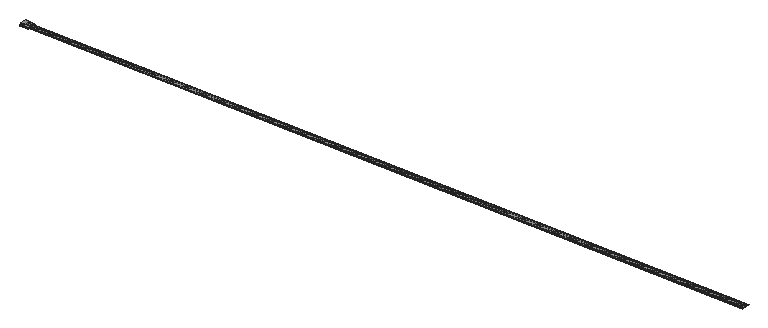
Revit family "Bandschelle - MBS 120", category Generic Models, Revit 2017 (continued)
Dimensions and locks
  locked: plane 38 to Extrusion 13 sketch curve at 4.186
  locked: Extrusion 13 sketch curve to Extrusion 13 sketch curve at 2.618
  locked: plane 42 to plane 43 at 8.221
  locked: Extrusion 14 sketch curve to plane 41 at 3.997
  locked: plane 41 to Extrusion 14 sketch curve at 4.186
  locked: Extrusion 14 sketch curve to Extrusion 14 sketch curve at 2.618
  locked: plane 45 to plane 46 at 8.221
  locked: Extrusion 15 sketch curve to plane 44 at 3.997
  locked: plane 44 to Extrusion 15 sketch curve at 4.186
  locked: Extrusion 15 sketch curve to Extrusion 15 sketch curve at 2.618
  locked: plane 48 to plane 49 at 8.221
  locked: Extrusion 16 sketch curve to plane 47 at 3.997
  locked: plane 47 to Extrusion 16 sketch curve at 4.186
  locked: Extrusion 16 sketch curve to Extrusion 16 sketch curve at 2.618
  locked: plane 51 to plane 52 at 8.221
  locked: Extrusion 17 sketch curve to plane 50 at 3.997
  locked: plane 50 to Extrusion 17 sketch curve at 4.186
  locked: Extrusion 17 sketch curve to Extrusion 17 sketch curve at 2.618
  locked: plane 54 to plane 55 at 8.221
  locked: Extrusion 18 sketch curve to plane 53 at 3.997
  locked: plane 53 to Extrusion 18 sketch curve at 4.186
  locked: Extrusion 18 sketch curve to Extrusion 18 sketch curve at 2.618
  locked: plane 57 to plane 58 at 8.221
  locked: Extrusion 19 sketch curve to plane 56 at 3.997
  locked: plane 56 to Extrusion 19 sketch curve at 4.186
  locked: Extrusion 19 sketch curve to Extrusion 19 sketch curve at 2.618
  locked: plane 60 to plane 61 at 8.221
  locked: Extrusion 20 sketch curve to plane 59 at 3.997
  locked: plane 59 to Extrusion 20 sketch curve at 4.186
  locked: Extrusion 20 sketch curve to Extrusion 20 sketch curve at 2.618
  locked: plane 63 to plane 64 at 8.221
  locked: Extrusion 21 sketch curve to plane 62 at 3.997
  locked: plane 62 to Extrusion 21 sketch curve at 4.186
  locked: Extrusion 21 sketch curve to Extrusion 21 sketch curve at 2.618
  locked: plane 66 to plane 67 at 8.221
  locked: Extrusion 22 sketch curve to plane 65 at 3.997
  locked: plane 65 to Extrusion 22 sketch curve at 4.186
  locked: Extrusion 22 sketch curve to Extrusion 22 sketch curve at 2.618
  locked: plane 69 to plane 70 at 8.221
  locked: Extrusion 23 sketch curve to plane 68 at 3.997
  locked: plane 68 to Extrusion 23 sketch curve at 4.186
  locked: Extrusion 23 sketch curve to Extrusion 23 sketch curve at 2.618
  locked: plane 72 to plane 73 at 8.221
  locked: Extrusion 24 sketch curve to plane 71 at 3.997
  locked: plane 71 to Extrusion 24 sketch curve at 4.186
  locked: Extrusion 24 sketch curve to Extrusion 24 sketch curve at 2.618
  locked: plane 75 to plane 76 at 8.221
  locked: Extrusion 25 sketch curve to plane 74 at 3.997
  locked: plane 74 to Extrusion 25 sketch curve at 4.186
  locked: Extrusion 25 sketch curve to Extrusion 25 sketch curve at 2.618
  locked: plane 78 to plane 79 at 8.221
  locked: Extrusion 26 sketch curve to plane 77 at 3.997
  locked: plane 77 to Extrusion 26 sketch curve at 4.186
  locked: Extrusion 26 sketch curve to Extrusion 26 sketch curve at 2.618
  locked: plane 81 to plane 82 at 8.221
  locked: Extrusion 27 sketch curve to plane 80 at 3.997
  locked: plane 80 to Extrusion 27 sketch curve at 4.186
  locked: Extrusion 27 sketch curve to Extrusion 27 sketch curve at 2.618
  locked: plane 84 to plane 85 at 8.221
  locked: Extrusion 28 sketch curve to plane 83 at 3.997
  locked: plane 83 to Extrusion 28 sketch curve at 4.186
  locked: Extrusion 28 sketch curve to Extrusion 28 sketch curve at 2.618
  locked: plane 87 to plane 88 at 8.221
  locked: Extrusion 29 sketch curve to plane 86 at 3.997
  locked: plane 86 to Extrusion 29 sketch curve at 4.186
  locked: Extrusion 29 sketch curve to Extrusion 29 sketch curve at 2.618
  locked: plane 90 to plane 91 at 8.221
  locked: Extrusion 30 sketch curve to plane 89 at 3.997
  locked: plane 89 to Extrusion 30 sketch curve at 4.186
  locked: Extrusion 30 sketch curve to Extrusion 30 sketch curve at 2.618
  locked: plane 93 to plane 94 at 8.221
  locked: Extrusion 31 sketch curve to plane 92 at 3.997
  locked: plane 92 to Extrusion 31 sketch curve at 4.186
  locked: Extrusion 31 sketch curve to Extrusion 31 sketch curve at 2.618
  locked: plane 96 to plane 97 at 8.221
  locked: Extrusion 32 sketch curve to plane 95 at 3.997
  locked: plane 95 to Extrusion 32 sketch curve at 4.186
  locked: Extrusion 32 sketch curve to Extrusion 32 sketch curve at 2.618
  locked: plane 99 to plane 100 at 8.221
  locked: Extrusion 33 sketch curve to plane 98 at 3.997
  locked: plane 98 to Extrusion 33 sketch curve at 4.186
  locked: Extrusion 33 sketch curve to Extrusion 33 sketch curve at 2.618
  locked: plane 102 to plane 103 at 8.221
  locked: Extrusion 34 sketch curve to plane 101 at 3.997
  locked: plane 101 to Extrusion 34 sketch curve at 4.186
  locked: Extrusion 34 sketch curve to Extrusion 34 sketch curve at 2.618
  locked: plane 105 to plane 106 at 8.221
  locked: Extrusion 35 sketch curve to plane 104 at 3.997
  locked: plane 104 to Extrusion 35 sketch curve at 4.186
  locked: Extrusion 35 sketch curve to Extrusion 35 sketch curve at 2.618
  locked: plane 108 to plane 109 at 8.221
  locked: Extrusion 36 sketch curve to plane 107 at 3.997
  locked: plane 107 to Extrusion 36 sketch curve at 4.186
  locked: Extrusion 36 sketch curve to Extrusion 36 sketch curve at 2.618
  locked: plane 111 to plane 112 at 8.221
  locked: Extrusion 37 sketch curve to plane 110 at 3.997
  locked: plane 110 to Extrusion 37 sketch curve at 4.186
  locked: Extrusion 37 sketch curve to Extrusion 37 sketch curve at 2.618
  locked: plane 114 to plane 115 at 8.221
  locked: Extrusion 38 sketch curve to plane 113 at 3.997
  locked: plane 113 to Extrusion 38 sketch curve at 4.186
  locked: Extrusion 38 sketch curve to Extrusion 38 sketch curve at 2.618
  locked: plane 117 to plane 118 at 8.221
  locked: Extrusion 39 sketch curve to plane 116 at 3.997
  locked: plane 116 to Extrusion 39 sketch curve at 4.186
  locked: Extrusion 39 sketch curve to Extrusion 39 sketch curve at 2.618
  locked: plane 120 to plane 121 at 8.221
  locked: Extrusion 40 sketch curve to plane 119 at 3.997
  locked: plane 119 to Extrusion 40 sketch curve at 4.186
  locked: Extrusion 40 sketch curve to Extrusion 40 sketch curve at 2.618
  locked: plane 123 to plane 124 at 8.221
  locked: Extrusion 41 sketch curve to plane 122 at 3.997
  locked: plane 122 to Extrusion 41 sketch curve at 4.186
  locked: Extrusion 41 sketch curve to Extrusion 41 sketch curve at 2.618
  locked: plane 126 to plane 127 at 8.221
  locked: Extrusion 42 sketch curve to plane 125 at 3.997
  locked: plane 125 to Extrusion 42 sketch curve at 4.186
  locked: Extrusion 42 sketch curve to Extrusion 42 sketch curve at 2.618
  locked: plane 129 to plane 130 at 8.221
  locked: Extrusion 43 sketch curve to plane 128 at 3.997
  locked: plane 128 to Extrusion 43 sketch curve at 4.186
  locked: Extrusion 43 sketch curve to Extrusion 43 sketch curve at 2.618
  locked: plane 132 to plane 133 at 8.221
  locked: Extrusion 44 sketch curve to plane 131 at 3.997
  locked: plane 131 to Extrusion 44 sketch curve at 4.186
  locked: Extrusion 44 sketch curve to Extrusion 44 sketch curve at 2.618
  locked: plane 135 to plane 136 at 8.221
  locked: Extrusion 45 sketch curve to plane 134 at 3.997
  locked: plane 134 to Extrusion 45 sketch curve at 4.186
  locked: Extrusion 45 sketch curve to Extrusion 45 sketch curve at 2.618
  locked: plane 138 to plane 139 at 8.221
  locked: Extrusion 46 sketch curve to plane 137 at 3.997
  locked: plane 137 to Extrusion 46 sketch curve at 4.186
  locked: Extrusion 46 sketch curve to Extrusion 46 sketch curve at 2.618
  locked: plane 141 to plane 142 at 8.221
  locked: Extrusion 47 sketch curve to plane 140 at 3.997
  locked: plane 140 to Extrusion 47 sketch curve at 4.186
  locked: Extrusion 47 sketch curve to Extrusion 47 sketch curve at 2.618
  locked: plane 144 to plane 145 at 8.221
  locked: Extrusion 48 sketch curve to plane 143 at 3.997
  locked: plane 143 to Extrusion 48 sketch curve at 4.186
  locked: Extrusion 48 sketch curve to Extrusion 48 sketch curve at 2.618
  locked: plane 147 to plane 148 at 8.221
  locked: Extrusion 49 sketch curve to plane 146 at 3.997
  locked: plane 146 to Extrusion 49 sketch curve at 4.186
  locked: Extrusion 49 sketch curve to Extrusion 49 sketch curve at 2.618
  locked: plane 150 to plane 151 at 8.221
  locked: Extrusion 50 sketch curve to plane 149 at 3.997
  locked: plane 149 to Extrusion 50 sketch curve at 4.186
  locked: Extrusion 50 sketch curve to Extrusion 50 sketch curve at 2.618
  locked: plane 153 to plane 154 at 8.221
  locked: Extrusion 51 sketch curve to plane 152 at 3.997
  locked: plane 152 to Extrusion 51 sketch curve at 4.186
  locked: Extrusion 51 sketch curve to Extrusion 51 sketch curve at 2.618
  locked: plane 156 to plane 157 at 8.221
  locked: Extrusion 52 sketch curve to plane 155 at 3.997
  locked: plane 155 to Extrusion 52 sketch curve at 4.186
  locked: Extrusion 52 sketch curve to Extrusion 52 sketch curve at 2.618
  locked: plane 159 to plane 160 at 8.221
  locked: Extrusion 53 sketch curve to plane 158 at 3.997
  locked: plane 158 to Extrusion 53 sketch curve at 4.186
  locked: Extrusion 53 sketch curve to Extrusion 53 sketch curve at 2.618
  locked: plane 162 to plane 163 at 8.221
  locked: Extrusion 54 sketch curve to plane 161 at 3.997
  locked: plane 161 to Extrusion 54 sketch curve at 4.186
  locked: Extrusion 54 sketch curve to Extrusion 54 sketch curve at 2.618
  locked: plane 165 to plane 166 at 8.221
  locked: Extrusion 55 sketch curve to plane 164 at 3.997
  locked: plane 164 to Extrusion 55 sketch curve at 4.186
  locked: Extrusion 55 sketch curve to Extrusion 55 sketch curve at 2.618
  locked: plane 168 to plane 169 at 8.221
  locked: Extrusion 56 sketch curve to plane 167 at 3.997
  locked: plane 167 to Extrusion 56 sketch curve at 4.186
  locked: Extrusion 56 sketch curve to Extrusion 56 sketch curve at 2.618
  locked: plane 171 to plane 172 at 8.221
  locked: Extrusion 57 sketch curve to plane 170 at 3.997
  locked: plane 170 to Extrusion 57 sketch curve at 4.186
  locked: Extrusion 57 sketch curve to Extrusion 57 sketch curve at 2.618
  locked: plane 174 to plane 175 at 8.221
  locked: Extrusion 58 sketch curve to plane 173 at 3.997
  locked: plane 173 to Extrusion 58 sketch curve at 4.186
  locked: Extrusion 58 sketch curve to Extrusion 58 sketch curve at 2.618
  locked: plane 177 to plane 178 at 8.221
  locked: Extrusion 59 sketch curve to plane 176 at 3.997
  locked: plane 176 to Extrusion 59 sketch curve at 4.186
  locked: Extrusion 59 sketch curve to Extrusion 59 sketch curve at 2.618
  locked: plane 180 to plane 181 at 8.221
  locked: Extrusion 60 sketch curve to plane 179 at 3.997
  locked: plane 179 to Extrusion 60 sketch curve at 4.186
  locked: Extrusion 60 sketch curve to Extrusion 60 sketch curve at 2.618
  locked: plane 183 to plane 184 at 8.221
  locked: Extrusion 61 sketch curve to plane 182 at 3.997
  locked: plane 182 to Extrusion 61 sketch curve at 4.186
  locked: Extrusion 61 sketch curve to Extrusion 61 sketch curve at 2.618
  locked: plane 186 to plane 187 at 8.221
  locked: Extrusion 62 sketch curve to plane 185 at 3.997
  locked: plane 185 to Extrusion 62 sketch curve at 4.186
  locked: Extrusion 62 sketch curve to Extrusion 62 sketch curve at 2.618
  locked: plane 189 to plane 190 at 8.221
  locked: Extrusion 63 sketch curve to plane 188 at 3.997
  locked: plane 188 to Extrusion 63 sketch curve at 4.186
  locked: Extrusion 63 sketch curve to Extrusion 63 sketch curve at 2.618
  locked: plane 192 to plane 193 at 8.221
  locked: Extrusion 64 sketch curve to plane 191 at 3.997
  locked: plane 191 to Extrusion 64 sketch curve at 4.186
  locked: Extrusion 64 sketch curve to Extrusion 64 sketch curve at 2.618
  locked: plane 195 to plane 196 at 8.221
  locked: Extrusion 65 sketch curve to plane 194 at 3.997
  locked: plane 194 to Extrusion 65 sketch curve at 4.186
  locked: Extrusion 65 sketch curve to Extrusion 65 sketch curve at 2.618
  locked: plane 198 to plane 199 at 8.221
  locked: Extrusion 66 sketch curve to plane 197 at 3.997
  locked: plane 197 to Extrusion 66 sketch curve at 4.186
  locked: Extrusion 66 sketch curve to Extrusion 66 sketch curve at 2.618
  locked: plane 201 to plane 202 at 8.221
  locked: Extrusion 67 sketch curve to plane 200 at 3.997
  locked: plane 200 to Extrusion 67 sketch curve at 4.186
  locked: Extrusion 67 sketch curve to Extrusion 67 sketch curve at 2.618
  locked: plane 204 to plane 205 at 8.221
  locked: Extrusion 68 sketch curve to plane 203 at 3.997
  locked: plane 203 to Extrusion 68 sketch curve at 4.186
  locked: Extrusion 68 sketch curve to Extrusion 68 sketch curve at 2.618
  locked: plane 207 to plane 208 at 8.221
  locked: Extrusion 69 sketch curve to plane 206 at 3.997
  locked: plane 206 to Extrusion 69 sketch curve at 4.186
  locked: Extrusion 69 sketch curve to Extrusion 69 sketch curve at 2.618
  locked: plane 210 to plane 211 at 8.221
  locked: Extrusion 70 sketch curve to plane 209 at 3.997
  locked: plane 209 to Extrusion 70 sketch curve at 4.186
  locked: Extrusion 70 sketch curve to Extrusion 70 sketch curve at 2.618
  locked: plane 213 to plane 214 at 8.221
  locked: Extrusion 71 sketch curve to plane 212 at 3.997
  locked: plane 212 to Extrusion 71 sketch curve at 4.186
  locked: Extrusion 71 sketch curve to Extrusion 71 sketch curve at 2.618
  locked: plane 216 to plane 217 at 8.221
  locked: Extrusion 72 sketch curve to plane 215 at 3.997
  locked: plane 215 to Extrusion 72 sketch curve at 4.186
  locked: Extrusion 72 sketch curve to Extrusion 72 sketch curve at 2.618
  locked: plane 219 to plane 220 at 8.221
  locked: Extrusion 73 sketch curve to plane 218 at 3.997
  locked: plane 218 to Extrusion 73 sketch curve at 4.186
  locked: Extrusion 73 sketch curve to Extrusion 73 sketch curve at 2.618
  locked: plane 222 to plane 223 at 8.221
  locked: Extrusion 74 sketch curve to plane 221 at 3.997
  locked: plane 221 to Extrusion 74 sketch curve at 4.186
  locked: Extrusion 74 sketch curve to Extrusion 74 sketch curve at 2.618
  locked: plane 225 to plane 226 at 8.221
  locked: Extrusion 75 sketch curve to plane 224 at 3.997
  locked: plane 224 to Extrusion 75 sketch curve at 4.186
  locked: Extrusion 75 sketch curve to Extrusion 75 sketch curve at 2.618
  locked: plane 228 to plane 229 at 8.221
  locked: Extrusion 76 sketch curve to plane 227 at 3.997
  locked: plane 227 to Extrusion 76 sketch curve at 4.186
  locked: Extrusion 76 sketch curve to Extrusion 76 sketch curve at 2.618
  locked: plane 231 to plane 232 at 8.221
  locked: Extrusion 77 sketch curve to plane 230 at 3.997
  locked: plane 230 to Extrusion 77 sketch curve at 4.186
  locked: Extrusion 77 sketch curve to Extrusion 77 sketch curve at 2.618
  locked: plane 234 to plane 235 at 8.221
  locked: Extrusion 78 sketch curve to plane 233 at 3.997
  locked: plane 233 to Extrusion 78 sketch curve at 4.186
  locked: Extrusion 78 sketch curve to Extrusion 78 sketch curve at 2.618
  locked: plane 237 to plane 238 at 8.221
  locked: Extrusion 79 sketch curve to plane 236 at 3.997
  locked: plane 236 to Extrusion 79 sketch curve at 4.186
  locked: Extrusion 79 sketch curve to Extrusion 79 sketch curve at 2.618
  locked: plane 240 to plane 241 at 8.221
  locked: Extrusion 80 sketch curve to plane 239 at 3.997
  locked: plane 239 to Extrusion 80 sketch curve at 4.186
  locked: Extrusion 80 sketch curve to Extrusion 80 sketch curve at 2.618
  locked: plane 243 to plane 244 at 8.221
  locked: Extrusion 81 sketch curve to plane 242 at 3.997
  locked: plane 242 to Extrusion 81 sketch curve at 4.186
  locked: Extrusion 81 sketch curve to Extrusion 81 sketch curve at 2.618
  locked: plane 246 to plane 247 at 8.221
  locked: Extrusion 82 sketch curve to plane 245 at 3.997
  locked: plane 245 to Extrusion 82 sketch curve at 4.186
  locked: Extrusion 82 sketch curve to Extrusion 82 sketch curve at 2.618
  locked: plane 249 to plane 250 at 8.221
  locked: Extrusion 83 sketch curve to plane 248 at 3.997
  locked: plane 248 to Extrusion 83 sketch curve at 4.186
  locked: Extrusion 83 sketch curve to Extrusion 83 sketch curve at 2.618
  locked: plane 252 to plane 253 at 8.221
  locked: Extrusion 84 sketch curve to plane 251 at 3.997
  locked: plane 251 to Extrusion 84 sketch curve at 4.186
  locked: Extrusion 84 sketch curve to Extrusion 84 sketch curve at 2.618
  locked: plane 255 to plane 256 at 8.221
  locked: Extrusion 85 sketch curve to plane 254 at 3.997
  locked: plane 254 to Extrusion 85 sketch curve at 4.186
  locked: Extrusion 85 sketch curve to Extrusion 85 sketch curve at 2.618
  locked: plane 258 to plane 259 at 8.221
  locked: Extrusion 86 sketch curve to plane 257 at 3.997
  locked: plane 257 to Extrusion 86 sketch curve at 4.186
  locked: Extrusion 86 sketch curve to Extrusion 86 sketch curve at 2.618
  locked: plane 261 to plane 262 at 8.221
  locked: Extrusion 87 sketch curve to plane 260 at 3.997
  locked: plane 260 to Extrusion 87 sketch curve at 4.186
  locked: Extrusion 87 sketch curve to Extrusion 87 sketch curve at 2.618
  locked: plane 264 to plane 265 at 8.221
  locked: Extrusion 88 sketch curve to plane 263 at 3.997
  locked: plane 263 to Extrusion 88 sketch curve at 4.186
  locked: Extrusion 88 sketch curve to Extrusion 88 sketch curve at 2.618
  locked: plane 267 to plane 268 at 8.221
  locked: Extrusion 89 sketch curve to plane 266 at 3.997
  locked: plane 266 to Extrusion 89 sketch curve at 4.186
  locked: Extrusion 89 sketch curve to Extrusion 89 sketch curve at 2.618
  locked: plane 270 to plane 271 at 8.221
  locked: Extrusion 90 sketch curve to plane 269 at 3.997
  locked: plane 269 to Extrusion 90 sketch curve at 4.186
  locked: Extrusion 90 sketch curve to Extrusion 90 sketch curve at 2.618
  locked: plane 273 to plane 274 at 8.221
  locked: Extrusion 91 sketch curve to plane 272 at 3.997
  locked: plane 272 to Extrusion 91 sketch curve at 4.186
  locked: Extrusion 91 sketch curve to Extrusion 91 sketch curve at 2.618
  locked: plane 276 to plane 277 at 8.221
  locked: Extrusion 92 sketch curve to plane 275 at 3.997
  locked: plane 275 to Extrusion 92 sketch curve at 4.186
  locked: Extrusion 92 sketch curve to Extrusion 92 sketch curve at 2.618
  locked: plane 279 to plane 280 at 8.221
  locked: Extrusion 93 sketch curve to plane 278 at 3.997
  locked: plane 278 to Extrusion 93 sketch curve at 4.186
  locked: Extrusion 93 sketch curve to Extrusion 93 sketch curve at 2.618
  locked: plane 282 to plane 283 at 8.221
  locked: Extrusion 94 sketch curve to plane 281 at 3.997
  locked: plane 281 to Extrusion 94 sketch curve at 4.186
  locked: Extrusion 94 sketch curve to Extrusion 94 sketch curve at 2.618
  locked: plane 285 to plane 286 at 8.221
  locked: Extrusion 95 sketch curve to plane 284 at 3.997
  locked: plane 284 to Extrusion 95 sketch curve at 4.186
  locked: Extrusion 95 sketch curve to Extrusion 95 sketch curve at 2.618
  locked: plane 288 to plane 289 at 8.221
  locked: Extrusion 96 sketch curve to plane 287 at 3.997
  locked: plane 287 to Extrusion 96 sketch curve at 4.186
  locked: Extrusion 96 sketch curve to Extrusion 96 sketch curve at 2.618
  locked: plane 291 to plane 292 at 8.221
  locked: Extrusion 97 sketch curve to plane 290 at 3.997
  locked: plane 290 to Extrusion 97 sketch curve at 4.186
  locked: Extrusion 97 sketch curve to Extrusion 97 sketch curve at 2.618
  locked: plane 294 to plane 295 at 8.221
  locked: Extrusion 98 sketch curve to plane 293 at 3.997
  locked: plane 293 to Extrusion 98 sketch curve at 4.186
  locked: Extrusion 98 sketch curve to Extrusion 98 sketch curve at 2.618
  locked: plane 297 to plane 298 at 8.221
  locked: Extrusion 99 sketch curve to plane 296 at 3.997
  locked: plane 296 to Extrusion 99 sketch curve at 4.186
  locked: Extrusion 99 sketch curve to Extrusion 99 sketch curve at 2.618
  locked: plane 300 to plane 301 at 8.221
  locked: Extrusion 100 sketch curve to plane 299 at 3.997
  locked: plane 299 to Extrusion 100 sketch curve at 4.186
  locked: Extrusion 100 sketch curve to Extrusion 100 sketch curve at 2.618
  locked: plane 303 to plane 304 at 8.221
  locked: Extrusion 101 sketch curve to plane 302 at 3.997
  locked: plane 302 to Extrusion 101 sketch curve at 4.186
  locked: Extrusion 101 sketch curve to Extrusion 101 sketch curve at 2.618
  locked: plane 306 to plane 307 at 8.221
  locked: Extrusion 102 sketch curve to plane 305 at 3.997
  locked: plane 305 to Extrusion 102 sketch curve at 4.186
  locked: Extrusion 102 sketch curve to Extrusion 102 sketch curve at 2.618
  locked: plane 309 to plane 310 at 8.221
  locked: Extrusion 103 sketch curve to plane 308 at 3.997
  locked: plane 308 to Extrusion 103 sketch curve at 4.186
  locked: Extrusion 103 sketch curve to Extrusion 103 sketch curve at 2.618
  locked: plane 312 to plane 313 at 8.221
  locked: Extrusion 104 sketch curve to plane 311 at 3.997
  locked: plane 311 to Extrusion 104 sketch curve at 4.186
  locked: Extrusion 104 sketch curve to Extrusion 104 sketch curve at 2.618
  locked: plane 315 to plane 316 at 8.221
  locked: Extrusion 105 sketch curve to plane 314 at 3.997
  locked: plane 314 to Extrusion 105 sketch curve at 4.186
  locked: Extrusion 105 sketch curve to Extrusion 105 sketch curve at 2.618
  locked: plane 318 to plane 319 at 8.221
  locked: Extrusion 106 sketch curve to plane 317 at 3.997
  locked: plane 317 to Extrusion 106 sketch curve at 4.186
  locked: Extrusion 106 sketch curve to Extrusion 106 sketch curve at 2.618
  locked: plane 321 to plane 322 at 8.221
  locked: Extrusion 107 sketch curve to plane 320 at 3.997
  locked: plane 320 to Extrusion 107 sketch curve at 4.186
  locked: Extrusion 107 sketch curve to Extrusion 107 sketch curve at 2.618
  locked: plane 324 to plane 325 at 8.221
  locked: Extrusion 108 sketch curve to plane 323 at 3.997
  locked: plane 323 to Extrusion 108 sketch curve at 4.186
  locked: Extrusion 108 sketch curve to Extrusion 108 sketch curve at 2.618
  locked: plane 327 to plane 328 at 8.221
  locked: Extrusion 109 sketch curve to plane 326 at 3.997
  locked: plane 326 to Extrusion 109 sketch curve at 4.186
  locked: Extrusion 109 sketch curve to Extrusion 109 sketch curve at 2.618
  locked: plane 330 to plane 331 at 8.221
  locked: Extrusion 110 sketch curve to plane 329 at 3.997
  locked: plane 329 to Extrusion 110 sketch curve at 4.186
  locked: Extrusion 110 sketch curve to Extrusion 110 sketch curve at 2.618
  locked: plane 333 to plane 334 at 8.221
  locked: Extrusion 111 sketch curve to plane 332 at 3.997
  locked: plane 332 to Extrusion 111 sketch curve at 4.186
  locked: Extrusion 111 sketch curve to Extrusion 111 sketch curve at 2.618
  locked: plane 336 to plane 337 at 8.221
  locked: Extrusion 112 sketch curve to plane 335 at 3.997
  locked: plane 335 to Extrusion 112 sketch curve at 4.186
  locked: Extrusion 112 sketch curve to Extrusion 112 sketch curve at 2.618
  locked: plane 339 to plane 340 at 8.221
  locked: Extrusion 113 sketch curve to plane 338 at 3.997
  locked: plane 338 to Extrusion 113 sketch curve at 4.186
  locked: Extrusion 113 sketch curve to Extrusion 113 sketch curve at 2.618
  locked: plane 342 to plane 343 at 8.221
  locked: Extrusion 114 sketch curve to plane 341 at 3.997
  locked: plane 341 to Extrusion 114 sketch curve at 4.186
  locked: Extrusion 114 sketch curve to Extrusion 114 sketch curve at 2.618
  locked: plane 345 to plane 346 at 8.221
  locked: Extrusion 115 sketch curve to plane 344 at 3.997
  locked: plane 344 to Extrusion 115 sketch curve at 4.186
  locked: Extrusion 115 sketch curve to Extrusion 115 sketch curve at 2.618
  locked: plane 348 to plane 349 at 8.221
  locked: Extrusion 116 sketch curve to plane 347 at 3.997
  locked: plane 347 to Extrusion 116 sketch curve at 4.186
  locked: Extrusion 116 sketch curve to Extrusion 116 sketch curve at 2.618
  locked: plane 351 to plane 352 at 8.221
  locked: Extrusion 117 sketch curve to plane 350 at 3.997
  locked: plane 350 to Extrusion 117 sketch curve at 4.186
  locked: Extrusion 117 sketch curve to Extrusion 117 sketch curve at 2.618
  locked: plane 354 to plane 355 at 8.221
  locked: Extrusion 118 sketch curve to plane 353 at 3.997
  locked: plane 353 to Extrusion 118 sketch curve at 4.186
  locked: Extrusion 118 sketch curve to Extrusion 118 sketch curve at 2.618
  locked: plane 357 to plane 358 at 8.221
  locked: Extrusion 119 sketch curve to plane 356 at 3.997
  locked: plane 356 to Extrusion 119 sketch curve at 4.186
  locked: Extrusion 119 sketch curve to Extrusion 119 sketch curve at 2.618
  locked: plane 360 to plane 361 at 8.221
  locked: Extrusion 120 sketch curve to plane 359 at 3.997
  locked: plane 359 to Extrusion 120 sketch curve at 4.186
  locked: Extrusion 120 sketch curve to Extrusion 120 sketch curve at 2.618
  locked: plane 363 to plane 364 at 8.221
  locked: Extrusion 121 sketch curve to plane 362 at 3.997
  locked: plane 362 to Extrusion 121 sketch curve at 4.186
  locked: Extrusion 121 sketch curve to Extrusion 121 sketch curve at 2.618
  locked: plane 366 to plane 367 at 8.221
  locked: Extrusion 122 sketch curve to plane 365 at 3.997
  locked: plane 365 to Extrusion 122 sketch curve at 4.186
  locked: Extrusion 122 sketch curve to Extrusion 122 sketch curve at 2.618
  locked: plane 369 to plane 370 at 8.221
  locked: Extrusion 123 sketch curve to plane 368 at 3.997
  locked: plane 368 to Extrusion 123 sketch curve at 4.186
  locked: Extrusion 123 sketch curve to Extrusion 123 sketch curve at 2.618
  locked: plane 372 to plane 373 at 8.221
  locked: Extrusion 124 sketch curve to plane 371 at 3.997
  locked: plane 371 to Extrusion 124 sketch curve at 4.186
  locked: Extrusion 124 sketch curve to Extrusion 124 sketch curve at 2.618
  locked: plane 375 to plane 376 at 8.221
  locked: Extrusion 125 sketch curve to plane 374 at 3.997
  locked: plane 374 to Extrusion 125 sketch curve at 4.186
  locked: Extrusion 125 sketch curve to Extrusion 125 sketch curve at 2.618
  locked: plane 378 to plane 379 at 8.221
  locked: Extrusion 126 sketch curve to plane 377 at 3.997
  locked: plane 377 to Extrusion 126 sketch curve at 4.186
  locked: Extrusion 126 sketch curve to Extrusion 126 sketch curve at 2.618
  locked: plane 381 to plane 382 at 8.221
  locked: Extrusion 127 sketch curve to plane 380 at 3.997
  locked: plane 380 to Extrusion 127 sketch curve at 4.186
  locked: Extrusion 127 sketch curve to Extrusion 127 sketch curve at 2.618
  locked: plane 384 to plane 385 at 8.221
  locked: Extrusion 128 sketch curve to plane 383 at 3.997
  locked: plane 383 to Extrusion 128 sketch curve at 4.186
  locked: Extrusion 128 sketch curve to Extrusion 128 sketch curve at 2.618
  locked: plane 387 to plane 388 at 8.221
  locked: Extrusion 129 sketch curve to plane 386 at 3.997
  locked: plane 386 to Extrusion 129 sketch curve at 4.186
  locked: Extrusion 129 sketch curve to Extrusion 129 sketch curve at 2.618
  locked: plane 390 to plane 391 at 8.221
  locked: Extrusion 130 sketch curve to plane 389 at 3.997
  locked: plane 389 to Extrusion 130 sketch curve at 4.186
  locked: Extrusion 130 sketch curve to Extrusion 130 sketch curve at 2.618
  locked: plane 393 to plane 394 at 8.221
  locked: Extrusion 131 sketch curve to plane 392 at 3.997
  locked: plane 392 to Extrusion 131 sketch curve at 4.186
  locked: Extrusion 131 sketch curve to Extrusion 131 sketch curve at 2.618
  locked: plane 396 to plane 397 at 8.221
  locked: Extrusion 132 sketch curve to plane 395 at 3.997
  locked: plane 395 to Extrusion 132 sketch curve at 4.186
  locked: Extrusion 132 sketch curve to Extrusion 132 sketch curve at 2.618
  locked: plane 399 to plane 400 at 8.221
  locked: Extrusion 133 sketch curve to plane 398 at 3.997
  locked: plane 398 to Extrusion 133 sketch curve at 4.186
  locked: Extrusion 133 sketch curve to Extrusion 133 sketch curve at 2.618
  locked: plane 402 to plane 403 at 8.221
  locked: Extrusion 134 sketch curve to plane 401 at 3.997
  locked: plane 401 to Extrusion 134 sketch curve at 4.186
  locked: Extrusion 134 sketch curve to Extrusion 134 sketch curve at 2.618
  locked: plane 405 to plane 406 at 8.221
  locked: Extrusion 135 sketch curve to plane 404 at 3.997
  locked: plane 404 to Extrusion 135 sketch curve at 4.186
  locked: Extrusion 135 sketch curve to Extrusion 135 sketch curve at 2.618
  locked: plane 408 to plane 409 at 8.221
  locked: Extrusion 136 sketch curve to plane 407 at 3.997
  locked: plane 407 to Extrusion 136 sketch curve at 4.186
  locked: Extrusion 136 sketch curve to Extrusion 136 sketch curve at 2.618
  locked: plane 411 to plane 412 at 8.221
  locked: Extrusion 137 sketch curve to plane 410 at 3.997
  locked: plane 410 to Extrusion 137 sketch curve at 4.186
  locked: Extrusion 137 sketch curve to Extrusion 137 sketch curve at 2.618
  locked: plane 414 to plane 415 at 8.221
  locked: Extrusion 138 sketch curve to plane 413 at 3.997
  locked: plane 413 to Extrusion 138 sketch curve at 4.186
  locked: Extrusion 138 sketch curve to Extrusion 138 sketch curve at 2.618
  locked: plane 417 to plane 418 at 8.221
  locked: Extrusion 139 sketch curve to plane 416 at 3.997
  locked: plane 416 to Extrusion 139 sketch curve at 4.186
  locked: Extrusion 139 sketch curve to Extrusion 139 sketch curve at 2.618
  locked: plane 420 to plane 421 at 8.221
  locked: Extrusion 140 sketch curve to plane 419 at 3.997
  locked: plane 419 to Extrusion 140 sketch curve at 4.186
  locked: Extrusion 140 sketch curve to Extrusion 140 sketch curve at 2.618
  locked: plane 423 to plane 424 at 8.221
  locked: Extrusion 141 sketch curve to plane 422 at 3.997
  locked: plane 422 to Extrusion 141 sketch curve at 4.186
  locked: Extrusion 141 sketch curve to Extrusion 141 sketch curve at 2.618
  locked: plane 426 to plane 427 at 8.221
  locked: Extrusion 142 sketch curve to plane 425 at 3.997
  locked: plane 425 to Extrusion 142 sketch curve at 4.186
  locked: Extrusion 142 sketch curve to Extrusion 142 sketch curve at 2.618
  locked: plane 429 to plane 430 at 8.221
  locked: Extrusion 143 sketch curve to plane 428 at 3.997
  locked: plane 428 to Extrusion 143 sketch curve at 4.186
  locked: Extrusion 143 sketch curve to Extrusion 143 sketch curve at 2.618
  locked: plane 432 to plane 433 at 8.221
  locked: Extrusion 144 sketch curve to plane 431 at 3.997
  locked: plane 431 to Extrusion 144 sketch curve at 4.186
  locked: Extrusion 144 sketch curve to Extrusion 144 sketch curve at 2.618
  locked: plane 435 to plane 436 at 8.221
  locked: Extrusion 145 sketch curve to plane 434 at 3.997
  locked: plane 434 to Extrusion 145 sketch curve at 4.186
  locked: Extrusion 145 sketch curve to Extrusion 145 sketch curve at 2.618
  locked: plane 438 to plane 439 at 8.221
  locked: Extrusion 146 sketch curve to plane 437 at 3.997
  locked: plane 437 to Extrusion 146 sketch curve at 4.186
  locked: Extrusion 146 sketch curve to Extrusion 146 sketch curve at 2.618
  locked: plane 441 to plane 442 at 8.221
  locked: Extrusion 147 sketch curve to plane 440 at 3.997
  locked: plane 440 to Extrusion 147 sketch curve at 4.186
  locked: Extrusion 147 sketch curve to Extrusion 147 sketch curve at 2.618
  locked: plane 444 to plane 445 at 8.221
  locked: Extrusion 148 sketch curve to plane 443 at 3.997
  locked: plane 443 to Extrusion 148 sketch curve at 4.186
  locked: Extrusion 148 sketch curve to Extrusion 148 sketch curve at 2.618
  locked: plane 447 to plane 448 at 8.221
  locked: Extrusion 149 sketch curve to plane 446 at 3.997
  locked: plane 446 to Extrusion 149 sketch curve at 4.186
  locked: Extrusion 149 sketch curve to Extrusion 149 sketch curve at 2.618
  locked: plane 450 to plane 451 at 8.221
  locked: Extrusion 150 sketch curve to plane 449 at 3.997
  locked: plane 449 to Extrusion 150 sketch curve at 4.186
  locked: Extrusion 150 sketch curve to Extrusion 150 sketch curve at 2.618
  locked: plane 453 to plane 454 at 8.221
  locked: Extrusion 151 sketch curve to plane 452 at 3.997
  locked: plane 452 to Extrusion 151 sketch curve at 4.186
  locked: Extrusion 151 sketch curve to Extrusion 151 sketch curve at 2.618
  locked: plane 456 to plane 457 at 8.221
  locked: Extrusion 152 sketch curve to plane 455 at 3.997
  locked: plane 455 to Extrusion 152 sketch curve at 4.186
  locked: Extrusion 152 sketch curve to Extrusion 152 sketch curve at 2.618
  locked: plane 459 to plane 460 at 8.221
  locked: Extrusion 153 sketch curve to plane 458 at 3.997
  locked: plane 458 to Extrusion 153 sketch curve at 4.186
  locked: Extrusion 153 sketch curve to Extrusion 153 sketch curve at 2.618
  locked: plane 462 to plane 463 at 8.221
  locked: Extrusion 154 sketch curve to plane 461 at 3.997
  locked: plane 461 to Extrusion 154 sketch curve at 4.186
  locked: Extrusion 154 sketch curve to Extrusion 154 sketch curve at 2.618
  locked: plane 465 to plane 466 at 8.221
  locked: Extrusion 155 sketch curve to plane 464 at 3.997
  locked: plane 464 to Extrusion 155 sketch curve at 4.186
  locked: Extrusion 155 sketch curve to Extrusion 155 sketch curve at 2.618
  locked: plane 468 to plane 469 at 8.221
  locked: Extrusion 156 sketch curve to plane 467 at 3.997
  locked: plane 467 to Extrusion 156 sketch curve at 4.186
  locked: Extrusion 156 sketch curve to Extrusion 156 sketch curve at 2.618
  locked: plane 471 to plane 472 at 8.221
  locked: Extrusion 157 sketch curve to plane 470 at 3.997
  locked: plane 470 to Extrusion 157 sketch curve at 4.186
  locked: Extrusion 157 sketch curve to Extrusion 157 sketch curve at 2.618
  locked: plane 474 to plane 475 at 8.221
  locked: Extrusion 158 sketch curve to plane 473 at 3.997
  locked: plane 473 to Extrusion 158 sketch curve at 4.186
  locked: Extrusion 158 sketch curve to Extrusion 158 sketch curve at 2.618
  locked: plane 477 to plane 478 at 8.221
  locked: Extrusion 159 sketch curve to plane 476 at 3.997
  locked: plane 476 to Extrusion 159 sketch curve at 4.186
  locked: Extrusion 159 sketch curve to Extrusion 159 sketch curve at 2.618
  locked: plane 480 to plane 481 at 8.221
  locked: Extrusion 160 sketch curve to plane 479 at 3.997
  locked: plane 479 to Extrusion 160 sketch curve at 4.186
  locked: Extrusion 160 sketch curve to Extrusion 160 sketch curve at 2.618
  locked: plane 483 to plane 484 at 8.221
  locked: Extrusion 161 sketch curve to plane 482 at 3.997
  locked: plane 482 to Extrusion 161 sketch curve at 4.186
  locked: Extrusion 161 sketch curve to Extrusion 161 sketch curve at 2.618
  locked: plane 486 to plane 487 at 8.221
  locked: Extrusion 162 sketch curve to plane 485 at 3.997
  locked: plane 485 to Extrusion 162 sketch curve at 4.186
  locked: Extrusion 162 sketch curve to Extrusion 162 sketch curve at 2.618
  locked: plane 489 to plane 490 at 8.221
  locked: Extrusion 163 sketch curve to plane 488 at 3.997
  locked: plane 488 to Extrusion 163 sketch curve at 4.186
  locked: Extrusion 163 sketch curve to Extrusion 163 sketch curve at 2.618
  locked: plane 492 to plane 493 at 8.221
  locked: Extrusion 164 sketch curve to plane 491 at 3.997
  locked: plane 491 to Extrusion 164 sketch curve at 4.186
  locked: Extrusion 164 sketch curve to Extrusion 164 sketch curve at 2.618
  locked: plane 495 to plane 496 at 8.221
  locked: Extrusion 165 sketch curve to plane 494 at 3.997
  locked: plane 494 to Extrusion 165 sketch curve at 4.186
  locked: Extrusion 165 sketch curve to Extrusion 165 sketch curve at 2.618
  locked: plane 498 to plane 499 at 8.221
  locked: Extrusion 166 sketch curve to plane 497 at 3.997
  locked: plane 497 to Extrusion 166 sketch curve at 4.186
  locked: Extrusion 166 sketch curve to Extrusion 166 sketch curve at 2.618
  locked: plane 501 to plane 502 at 8.221
  locked: Extrusion 167 sketch curve to plane 500 at 3.997
  locked: plane 500 to Extrusion 167 sketch curve at 4.186
  locked: Extrusion 167 sketch curve to Extrusion 167 sketch curve at 2.618
  locked: plane 504 to plane 505 at 8.221
  locked: Extrusion 168 sketch curve to plane 503 at 3.997
  locked: plane 503 to Extrusion 168 sketch curve at 4.186
  locked: Extrusion 168 sketch curve to Extrusion 168 sketch curve at 2.618
  locked: plane 507 to plane 508 at 8.221
  locked: Extrusion 169 sketch curve to plane 506 at 3.997
  locked: plane 506 to Extrusion 169 sketch curve at 4.186
  locked: Extrusion 169 sketch curve to Extrusion 169 sketch curve at 2.618
  locked: plane 510 to plane 511 at 8.221
  locked: Extrusion 170 sketch curve to plane 509 at 3.997
  locked: plane 509 to Extrusion 170 sketch curve at 4.186
  locked: Extrusion 170 sketch curve to Extrusion 170 sketch curve at 2.618
  locked: plane 513 to plane 514 at 8.221
  locked: Extrusion 171 sketch curve to plane 512 at 3.997
  locked: plane 512 to Extrusion 171 sketch curve at 4.186
  locked: Extrusion 171 sketch curve to Extrusion 171 sketch curve at 2.618
  locked: plane 516 to plane 517 at 8.221
  locked: Extrusion 172 sketch curve to plane 515 at 3.997
  locked: plane 515 to Extrusion 172 sketch curve at 4.186
  locked: Extrusion 172 sketch curve to Extrusion 172 sketch curve at 2.618
  locked: plane 519 to plane 520 at 8.221
  locked: Extrusion 173 sketch curve to plane 518 at 3.997
  locked: plane 518 to Extrusion 173 sketch curve at 4.186
  locked: Extrusion 173 sketch curve to Extrusion 173 sketch curve at 2.618
  locked: plane 522 to plane 523 at 8.221
  locked: Extrusion 174 sketch curve to plane 521 at 3.997
  locked: plane 521 to Extrusion 174 sketch curve at 4.186
  locked: Extrusion 174 sketch curve to Extrusion 174 sketch curve at 2.618
  locked: plane 525 to plane 526 at 8.221
  locked: Extrusion 175 sketch curve to plane 524 at 3.997
  locked: plane 524 to Extrusion 175 sketch curve at 4.186
  locked: Extrusion 175 sketch curve to Extrusion 175 sketch curve at 2.618
  locked: plane 528 to plane 529 at 8.221
  locked: Extrusion 176 sketch curve to plane 527 at 3.997
  locked: plane 527 to Extrusion 176 sketch curve at 4.186
  locked: Extrusion 176 sketch curve to Extrusion 176 sketch curve at 2.618
  locked: plane 531 to plane 532 at 8.221
  locked: Extrusion 177 sketch curve to plane 530 at 3.997
  locked: plane 530 to Extrusion 177 sketch curve at 4.186
  locked: Extrusion 177 sketch curve to Extrusion 177 sketch curve at 2.618
  locked: plane 534 to plane 535 at 8.221
  locked: Extrusion 178 sketch curve to plane 533 at 3.997
  locked: plane 533 to Extrusion 178 sketch curve at 4.186
  locked: Extrusion 178 sketch curve to Extrusion 178 sketch curve at 2.618
  locked: plane 537 to plane 538 at 8.221
  locked: Extrusion 179 sketch curve to plane 536 at 3.997
  locked: plane 536 to Extrusion 179 sketch curve at 4.186
  locked: Extrusion 179 sketch curve to Extrusion 179 sketch curve at 2.618
  locked: plane 540 to plane 541 at 8.221
  locked: Extrusion 180 sketch curve to plane 539 at 3.997
  locked: plane 539 to Extrusion 180 sketch curve at 4.186
  locked: Extrusion 180 sketch curve to Extrusion 180 sketch curve at 2.618
  locked: plane 543 to plane 544 at 8.221
  locked: Extrusion 181 sketch curve to plane 542 at 3.997
  locked: plane 542 to Extrusion 181 sketch curve at 4.186
  locked: Extrusion 181 sketch curve to Extrusion 181 sketch curve at 2.618
  locked: plane 546 to plane 547 at 8.221
  locked: Extrusion 182 sketch curve to plane 545 at 3.997
  locked: plane 545 to Extrusion 182 sketch curve at 4.186
  locked: Extrusion 182 sketch curve to Extrusion 182 sketch curve at 2.618
  locked: plane 549 to plane 550 at 8.221
  locked: Extrusion 183 sketch curve to plane 548 at 3.997
  locked: plane 548 to Extrusion 183 sketch curve at 4.186
  locked: Extrusion 183 sketch curve to Extrusion 183 sketch curve at 2.618
  locked: plane 552 to plane 553 at 8.221
  locked: Extrusion 184 sketch curve to plane 551 at 3.997
  locked: plane 551 to Extrusion 184 sketch curve at 4.186
  locked: Extrusion 184 sketch curve to Extrusion 184 sketch curve at 2.618
  locked: plane 555 to plane 556 at 8.221
  locked: Extrusion 185 sketch curve to plane 554 at 3.997
  locked: plane 554 to Extrusion 185 sketch curve at 4.186
  locked: Extrusion 185 sketch curve to Extrusion 185 sketch curve at 2.618
  locked: plane 558 to plane 559 at 8.221
  locked: Extrusion 186 sketch curve to plane 557 at 3.997
  locked: plane 557 to Extrusion 186 sketch curve at 4.186
  locked: Extrusion 186 sketch curve to Extrusion 186 sketch curve at 2.618
  locked: plane 561 to plane 562 at 8.221
  locked: Extrusion 187 sketch curve to plane 560 at 3.997
  locked: plane 560 to Extrusion 187 sketch curve at 4.186
  locked: Extrusion 187 sketch curve to Extrusion 187 sketch curve at 2.618
  locked: plane 564 to plane 565 at 8.221
  locked: Extrusion 188 sketch curve to plane 563 at 3.997
  locked: plane 563 to Extrusion 188 sketch curve at 4.186
  locked: Extrusion 188 sketch curve to Extrusion 188 sketch curve at 2.618
  locked: plane 567 to plane 568 at 8.221
  locked: Extrusion 189 sketch curve to plane 566 at 3.997
  locked: plane 566 to Extrusion 189 sketch curve at 4.186
  locked: Extrusion 189 sketch curve to Extrusion 189 sketch curve at 2.618
  locked: plane 570 to plane 571 at 8.221
  locked: Extrusion 190 sketch curve to plane 569 at 3.997
  locked: plane 569 to Extrusion 190 sketch curve at 4.186
  locked: Extrusion 190 sketch curve to Extrusion 190 sketch curve at 2.618
  locked: plane 573 to plane 574 at 8.221
  locked: Extrusion 191 sketch curve to plane 572 at 3.997
  locked: plane 572 to Extrusion 191 sketch curve at 4.186
  locked: Extrusion 191 sketch curve to Extrusion 191 sketch curve at 2.618
  locked: plane 576 to plane 577 at 8.221
  locked: Extrusion 192 sketch curve to plane 575 at 3.997
  locked: plane 575 to Extrusion 192 sketch curve at 4.186
  locked: Extrusion 192 sketch curve to Extrusion 192 sketch curve at 2.618
  locked: plane 579 to plane 580 at 8.221
  locked: Extrusion 193 sketch curve to plane 578 at 3.997
  locked: plane 578 to Extrusion 193 sketch curve at 4.186
  locked: Extrusion 193 sketch curve to Extrusion 193 sketch curve at 2.618
  locked: plane 582 to plane 583 at 8.221
  locked: Extrusion 194 sketch curve to plane 581 at 3.997
  locked: plane 581 to Extrusion 194 sketch curve at 4.186
  locked: Extrusion 194 sketch curve to Extrusion 194 sketch curve at 2.618
  locked: plane 585 to plane 586 at 8.221
  locked: Extrusion 195 sketch curve to plane 584 at 3.997
  locked: plane 584 to Extrusion 195 sketch curve at 4.186
  locked: Extrusion 195 sketch curve to Extrusion 195 sketch curve at 2.618
  locked: plane 588 to plane 589 at 8.221
  locked: Extrusion 196 sketch curve to plane 587 at 3.997
  locked: plane 587 to Extrusion 196 sketch curve at 4.186
  locked: Extrusion 196 sketch curve to Extrusion 196 sketch curve at 2.618
  locked: plane 591 to plane 592 at 8.221
  locked: Extrusion 197 sketch curve to plane 590 at 3.997
  locked: plane 590 to Extrusion 197 sketch curve at 4.186
  locked: Extrusion 197 sketch curve to Extrusion 197 sketch curve at 2.618
  locked: plane 594 to plane 595 at 8.221
  locked: Extrusion 198 sketch curve to plane 593 at 3.997
  locked: plane 593 to Extrusion 198 sketch curve at 4.186
  locked: Extrusion 198 sketch curve to Extrusion 198 sketch curve at 2.618
  locked: plane 597 to plane 598 at 8.221
  locked: Extrusion 199 sketch curve to plane 596 at 3.997
  locked: plane 596 to Extrusion 199 sketch curve at 4.186
  locked: Extrusion 199 sketch curve to Extrusion 199 sketch curve at 2.618
  locked: plane 600 to plane 601 at 8.221
  locked: Extrusion 200 sketch curve to plane 599 at 3.997
  locked: plane 599 to Extrusion 200 sketch curve at 4.186
  locked: Extrusion 200 sketch curve to Extrusion 200 sketch curve at 2.618
  locked: plane 603 to plane 604 at 8.221
  locked: Extrusion 201 sketch curve to plane 602 at 3.997
  locked: plane 602 to Extrusion 201 sketch curve at 4.186
  locked: Extrusion 201 sketch curve to Extrusion 201 sketch curve at 2.618
  locked: plane 606 to plane 607 at 8.221
  locked: Extrusion 202 sketch curve to plane 605 at 3.997
  locked: plane 605 to Extrusion 202 sketch curve at 4.186
  locked: Extrusion 202 sketch curve to Extrusion 202 sketch curve at 2.618
  locked: plane 609 to plane 610 at 8.221
  locked: Extrusion 203 sketch curve to plane 608 at 3.997
  locked: plane 608 to Extrusion 203 sketch curve at 4.186
  locked: Extrusion 203 sketch curve to Extrusion 203 sketch curve at 2.618
  locked: plane 612 to plane 613 at 8.221
  locked: Extrusion 204 sketch curve to plane 611 at 3.997
  locked: plane 611 to Extrusion 204 sketch curve at 4.186
  locked: Extrusion 204 sketch curve to Extrusion 204 sketch curve at 2.618
  locked: plane 615 to plane 616 at 8.221
  locked: Extrusion 205 sketch curve to plane 614 at 3.997
  locked: plane 614 to Extrusion 205 sketch curve at 4.186
  locked: Extrusion 205 sketch curve to Extrusion 205 sketch curve at 2.618
  locked: plane 618 to plane 619 at 8.221
  locked: Extrusion 206 sketch curve to plane 617 at 3.997
  locked: plane 617 to Extrusion 206 sketch curve at 4.186
  locked: Extrusion 206 sketch curve to Extrusion 206 sketch curve at 2.618
  locked: plane 621 to plane 622 at 8.221
  locked: Extrusion 207 sketch curve to plane 620 at 3.997
  locked: plane 620 to Extrusion 207 sketch curve at 4.186
  locked: Extrusion 207 sketch curve to Extrusion 207 sketch curve at 2.618
  locked: plane 624 to plane 625 at 8.221
  locked: Extrusion 208 sketch curve to plane 623 at 3.997
  locked: plane 623 to Extrusion 208 sketch curve at 4.186
  locked: Extrusion 208 sketch curve to Extrusion 208 sketch curve at 2.618
  locked: plane 627 to plane 628 at 8.221
  locked: Extrusion 209 sketch curve to plane 626 at 3.997
  locked: plane 626 to Extrusion 209 sketch curve at 4.186
  locked: Extrusion 209 sketch curve to Extrusion 209 sketch curve at 2.618
  locked: plane 630 to plane 631 at 8.221
  locked: Extrusion 210 sketch curve to plane 629 at 3.997
  locked: plane 629 to Extrusion 210 sketch curve at 4.186
  locked: Extrusion 210 sketch curve to Extrusion 210 sketch curve at 2.618
  locked: plane 633 to plane 634 at 8.221
  locked: Extrusion 211 sketch curve to plane 632 at 3.997
  locked: plane 632 to Extrusion 211 sketch curve at 4.186
  locked: Extrusion 211 sketch curve to Extrusion 211 sketch curve at 2.618
  locked: plane 636 to plane 637 at 8.221
  locked: Extrusion 212 sketch curve to plane 635 at 3.997
  locked: plane 635 to Extrusion 212 sketch curve at 4.186
  locked: Extrusion 212 sketch curve to Extrusion 212 sketch curve at 2.618
  locked: plane 639 to plane 640 at 8.221
  locked: Extrusion 213 sketch curve to plane 638 at 3.997
  locked: plane 638 to Extrusion 213 sketch curve at 4.186
  locked: Extrusion 213 sketch curve to Extrusion 213 sketch curve at 2.618
  locked: plane 642 to plane 643 at 8.221
  locked: Extrusion 214 sketch curve to plane 641 at 3.997
  locked: plane 641 to Extrusion 214 sketch curve at 4.186
  locked: Extrusion 214 sketch curve to Extrusion 214 sketch curve at 2.618
  locked: plane 645 to plane 646 at 8.221
  locked: Extrusion 215 sketch curve to plane 644 at 3.997
  locked: plane 644 to Extrusion 215 sketch curve at 4.186
  locked: Extrusion 215 sketch curve to Extrusion 215 sketch curve at 2.618
  locked: plane 648 to plane 649 at 8.221
  locked: Extrusion 216 sketch curve to plane 647 at 3.997
  locked: plane 647 to Extrusion 216 sketch curve at 4.186
  locked: Extrusion 216 sketch curve to Extrusion 216 sketch curve at 2.618
  locked: plane 651 to plane 652 at 8.221
  locked: Extrusion 217 sketch curve to plane 650 at 3.997
  locked: plane 650 to Extrusion 217 sketch curve at 4.186
  locked: Extrusion 217 sketch curve to Extrusion 217 sketch curve at 2.618
  locked: plane 654 to plane 655 at 8.221
  locked: Extrusion 218 sketch curve to plane 653 at 3.997
  locked: plane 653 to Extrusion 218 sketch curve at 4.186
  locked: Extrusion 218 sketch curve to Extrusion 218 sketch curve at 2.618
  locked: plane 657 to plane 658 at 8.221
  locked: Extrusion 219 sketch curve to plane 656 at 3.997
  locked: plane 656 to Extrusion 219 sketch curve at 4.186
  locked: Extrusion 219 sketch curve to Extrusion 219 sketch curve at 2.618
  locked: plane 660 to plane 661 at 8.221
  locked: Extrusion 220 sketch curve to plane 659 at 3.997
  locked: plane 659 to Extrusion 220 sketch curve at 4.186
  locked: Extrusion 220 sketch curve to Extrusion 220 sketch curve at 2.618
  locked: plane 663 to plane 664 at 8.221
  locked: Extrusion 221 sketch curve to plane 662 at 3.997
  locked: plane 662 to Extrusion 221 sketch curve at 4.186
  locked: Extrusion 221 sketch curve to Extrusion 221 sketch curve at 2.618
  locked: plane 666 to plane 667 at 8.221
  locked: Extrusion 222 sketch curve to plane 665 at 3.997
  locked: plane 665 to Extrusion 222 sketch curve at 4.186
  locked: Extrusion 222 sketch curve to Extrusion 222 sketch curve at 2.618
  locked: plane 669 to plane 670 at 8.221
  locked: Extrusion 223 sketch curve to plane 668 at 3.997
  locked: plane 668 to Extrusion 223 sketch curve at 4.186
  locked: Extrusion 223 sketch curve to Extrusion 223 sketch curve at 2.618
  locked: plane 672 to plane 673 at 8.221
  locked: Extrusion 224 sketch curve to plane 671 at 3.997
  locked: plane 671 to Extrusion 224 sketch curve at 4.186
  locked: Extrusion 224 sketch curve to Extrusion 224 sketch curve at 2.618
  locked: plane 675 to plane 676 at 8.221
  locked: Extrusion 225 sketch curve to plane 674 at 3.997
  locked: plane 674 to Extrusion 225 sketch curve at 4.186
  locked: Extrusion 225 sketch curve to Extrusion 225 sketch curve at 2.618
  locked: plane 678 to plane 679 at 8.221
  locked: Extrusion 226 sketch curve to plane 677 at 3.997
  locked: plane 677 to Extrusion 226 sketch curve at 4.186
  locked: Extrusion 226 sketch curve to Extrusion 226 sketch curve at 2.618
  locked: plane 681 to plane 682 at 8.221
  locked: Extrusion 227 sketch curve to plane 680 at 3.997
  locked: plane 680 to Extrusion 227 sketch curve at 4.186
  locked: Extrusion 227 sketch curve to Extrusion 227 sketch curve at 2.618
  locked: plane 684 to plane 685 at 8.221
  locked: Extrusion 228 sketch curve to plane 683 at 3.997
  locked: plane 683 to Extrusion 228 sketch curve at 4.186
  locked: Extrusion 228 sketch curve to Extrusion 228 sketch curve at 2.618
  locked: plane 687 to plane 688 at 8.221
  locked: Extrusion 229 sketch curve to plane 686 at 3.997
  locked: plane 686 to Extrusion 229 sketch curve at 4.186
  locked: Extrusion 229 sketch curve to Extrusion 229 sketch curve at 2.618
  locked: plane 690 to plane 691 at 8.221
  locked: Extrusion 230 sketch curve to plane 689 at 3.997
  locked: plane 689 to Extrusion 230 sketch curve at 4.186
  locked: Extrusion 230 sketch curve to Extrusion 230 sketch curve at 2.618
  locked: plane 693 to plane 694 at 8.221
  locked: Extrusion 231 sketch curve to plane 692 at 3.997
  locked: plane 692 to Extrusion 231 sketch curve at 4.186
  locked: Extrusion 231 sketch curve to Extrusion 231 sketch curve at 2.618
  locked: plane 696 to plane 697 at 8.221
  locked: Extrusion 232 sketch curve to plane 695 at 3.997
  locked: plane 695 to Extrusion 232 sketch curve at 4.186
  locked: Extrusion 232 sketch curve to Extrusion 232 sketch curve at 2.618
  locked: plane 699 to plane 700 at 8.221
  locked: Extrusion 233 sketch curve to plane 698 at 3.997
  locked: plane 698 to Extrusion 233 sketch curve at 4.186
  locked: Extrusion 233 sketch curve to Extrusion 233 sketch curve at 2.618
  locked: plane 702 to plane 703 at 8.221
  locked: Extrusion 234 sketch curve to plane 701 at 3.997
  locked: plane 701 to Extrusion 234 sketch curve at 4.186
  locked: Extrusion 234 sketch curve to Extrusion 234 sketch curve at 2.618
  locked: plane 705 to plane 706 at 8.221
  locked: Extrusion 235 sketch curve to plane 704 at 3.997
  locked: plane 704 to Extrusion 235 sketch curve at 4.186
  locked: Extrusion 235 sketch curve to Extrusion 235 sketch curve at 2.618
  locked: plane 708 to plane 709 at 8.221
  locked: Extrusion 236 sketch curve to plane 707 at 3.997
  locked: plane 707 to Extrusion 236 sketch curve at 4.186
  locked: Extrusion 236 sketch curve to Extrusion 236 sketch curve at 2.618
  locked: plane 711 to plane 712 at 8.221
  locked: Extrusion 237 sketch curve to plane 710 at 3.997
  locked: plane 710 to Extrusion 237 sketch curve at 4.186
  locked: Extrusion 237 sketch curve to Extrusion 237 sketch curve at 2.618
  locked: plane 714 to plane 715 at 8.221
  locked: Extrusion 238 sketch curve to plane 713 at 3.997
  locked: plane 713 to Extrusion 238 sketch curve at 4.186
  locked: Extrusion 238 sketch curve to Extrusion 238 sketch curve at 2.618
  locked: plane 717 to plane 718 at 8.221
  locked: Extrusion 239 sketch curve to plane 716 at 3.997
  locked: plane 716 to Extrusion 239 sketch curve at 4.186
  locked: Extrusion 239 sketch curve to Extrusion 239 sketch curve at 2.618
  locked: plane 720 to plane 721 at 8.221
  locked: Extrusion 240 sketch curve to plane 719 at 3.997
  locked: plane 719 to Extrusion 240 sketch curve at 4.186
  locked: Extrusion 240 sketch curve to Extrusion 240 sketch curve at 2.618
  locked: plane 723 to plane 724 at 8.221
  locked: Extrusion 241 sketch curve to plane 722 at 3.997
  locked: plane 722 to Extrusion 241 sketch curve at 4.186
  locked: Extrusion 241 sketch curve to Extrusion 241 sketch curve at 2.618
  locked: plane 726 to plane 727 at 8.221
  locked: Extrusion 242 sketch curve to plane 725 at 3.997
  locked: plane 725 to Extrusion 242 sketch curve at 4.186
  locked: Extrusion 242 sketch curve to Extrusion 242 sketch curve at 2.618
  locked: plane 729 to plane 730 at 8.221
  locked: Extrusion 243 sketch curve to plane 728 at 3.997
  locked: plane 728 to Extrusion 243 sketch curve at 4.186
  locked: Extrusion 243 sketch curve to Extrusion 243 sketch curve at 2.618
  aligned and locked: level to plane 2
  aligned and locked: plane 1 "Center (Front/Back)" to Extrusion 1 sketch curve
  aligned and locked: Extrusion 1 sketch curve to plane 3 "Center (Left/Right)"
  aligned and locked: plane 4 to Extrusion 1 sketch curve
  aligned and locked: Extrusion 1 to plane 5
  aligned and locked: plane 9 to Extrusion 2
  aligned and locked: cut or joined group of Extrusion 2, Extrusion 3, Extrusion 7, Extrusion 8 to Extrusion 3  (x2)
  aligned and locked: Extrusion 4 to level
  aligned and locked: Extrusion 1 to Extrusion 4
Automatic sketch dimensions
  Extrusion 2 sketch curve to plane 5 = 0 mm  (x2)
  Extrusion 2 sketch curve to plane 1 "Center (Front/Back)" = 0 mm
  Extrusion 2 sketch curve to plane 6 = 0 mm
  Extrusion 2 sketch curve to plane 8 = 0 mm
  plane 8 to Extrusion 2 sketch curve = 0.141 mm
  plane 5 to Extrusion 2 sketch curve = 0.04 mm
  Extrusion 3 sketch curve to plane 9 = 5.822 mm
  Extrusion 3 sketch curve to plane 9 = 2.429 mm
Types (3, lengths in mm): name | Manufacturer Art.No. | Length 1 | Length | GTIN | Cut's number 2 | Article Type
  (no name) | "7203112" | 1200 | 1200 | "4012195693406" | 240 | "MBS 120"
  MBS 120 | "7203112" | 1200 | 1200 | "4012195693406" | 240 | "MBS 120"
  MBS 150 | "7203114" | 1500 | 1500 | "4012195693413" | 300 | "MBS 150"
